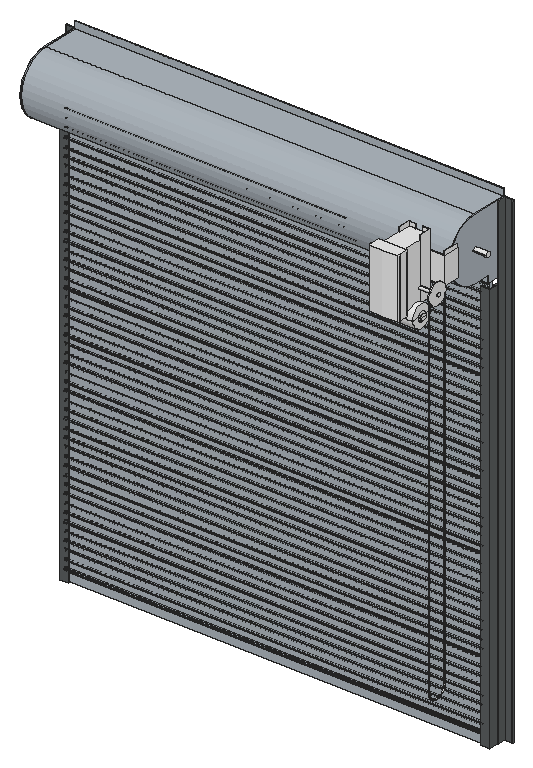
Revit family "Doors_Industrial_Wayne-Dalton_Insulated-Rolling-Service-Doors-Model-800C_", category Specialty Equipment, host Wall, Revit 2019
Family settings
  Host = Wall
  Round Connector Dimension = Use Diameter
  Part Type = Normal
  OmniClass Number = 23.30.10.21.34
  OmniClass Title = Industrial Doors
  Always vertical = Yes
  Cut with Voids When Loaded = Yes
  Shared = No
  Room Calculation Point = No
Parameters (values of type "115 volts, one phase, 60 Hz (110-120V range)")
  X Motor [instance] = size_lookup(Lookup Table, if(Between Jambs Mounting, "Motor B", "Motor F"), 10", Width Count, Height Count)  # 20"
  X ChainH [instance] = size_lookup(Lookup Table, if(Between Jambs Mounting, "Chain B", "Chain F"), 10", Width Count, Height Count)  # 20"
  Width Count [instance] = if(or(Opening Width < 120", Opening Width = 120"), 10, if(or(Opening Width < 192", Opening Width = 192"), 16, 20))  # 10
  Warning Sign [instance] = if(Calculated Area > 683.00 SF, 1 = 1, 1 = 2)  # no
  Warning (Note) [instance] = if(Warning Sign, "The Door Area is out of the limit; please adjust accordingly. The maximum allowed area is 683 sq. ft.", if(Hood Warning, "Headroom Clearance Dimensions - out of the limits. Consult Factory", " "))  # " "
  Wall Thickness [instance] = 6"
  Voltage = 115 V
  True Opening Width [instance] = if(Between Jambs Mounting, Door Width True, Clear Width)  # 120"
  True Opening Height [instance] = if(Between Jambs Mounting, Clear Height + Headroom Height, Clear Height)  # 120"
  Slat Type [instance] = "№34"  # constant formula
  Slat Option [instance] = 2  # constant formula
  Slat Length [instance] = Clear Width + G Value * 2 - 1" / 2 * 2  # 124 1/2"
  Slat Height [instance] = if(Slat < 2, 13 205/256", 12 1/4")  # 12 1/4"
  Slat [instance] = if(Slat Option < 2, 1, if(Slat Option = 2, 2, if(Slat Option = 3, 3, 4)))  # 2
  Side Room Right [instance] = 9 1/16"  # constant formula
  Side Room Left [instance] = 7 1/16"  # constant formula
  Product Page URL = "https://www.wayne-dalton.com/rolling-service-door-800c"
  Power Factor = 1
  Powder Coat (Note) = "Wayne Dalton also offers approximately 200 RAL powder coat options to complement the exterior colors of a building."  # constant formula
  Operator Visibility = yes
  Operation (Note) [instance] = "Door could operate by manual push, crank, electrical operator or chain hoist. Manual push up and crank could be used up to 80 sf, for larger door sizes you have to use Chain Hoist operator."  # constant formula
  Opening Width Real [instance] = if(Opening Width > Max Opening Width, Max Opening Width, if(Opening Width < Min Opening Width, Min Opening Width, Opening Width))  # 120"
  Opening Width [instance] = 120"
  Opening Height Real [instance] = if(Opening Height > Max Opening Height, Max Opening Height, if(Opening Height < Min Opening Height, Min Opening Height, Opening Height))  # 120"
  Opening Height [instance] = 120"
  One Array element [instance] = not(Array Vis)  # no
  Number of Poles = 1
  Motor Type [instance] = if(Between Jambs Mounting, "GSL Front of Hood", if(Motor Option < 2, "GSL Front of Hood", "GSL Wall Mount"))  # "GSL Front of Hood"
  Motor Selection (Note) [instance] = "Generic operator shown. Contact Wayne Dalton when dimensions are critical. "  # constant formula
  Motor Position [instance] = if(Motor Option Real = 1, G Value, if(Chain Hoist or Manual, 2 171/256", 3 177/256"))  # 2 3/4"
  Motor Option Real [instance] = if(Between Jambs Mounting, 1, if(Motor Option < 2, 1, 3))  # 1
  Motor Option [instance] = 1
  Min Opening Width [instance] = if(Between Jambs Mounting, 18" + Side Room Right + Side Room Left, 18")  # 18"
  Min Opening Height [instance] = if(Between Jambs Mounting, 24" + Headroom Height, 24")  # 24"
  Max Opening Width [instance] = 504"  # constant formula
  Max Opening Height [instance] = 360"  # constant formula
  Material Finish [instance] = 800C : Standard - Gray
  M Value [instance] = G Value + 1/2"  # 3 1/4"
  Lookup Table [instance] = "Hood Dimensions"  # constant formula
  Jambs Offset L [instance] = if(Between Jambs Mounting, Side Room Left, 0")  # 0"
  Jambs Offset R [instance] = if(Between Jambs Mounting, Side Room Right, 0")  # 0"
  Installation Real [instance] = if(Between Jambs Mounting, if((Wall Thickness / 2 - Guid Depth / 2) < 0", 0", Wall Thickness / 2 - Guid Depth / 2), Wall Thickness)  # 6"
  Hood Warning [instance] = if(and(Chain Hoist or Manual, Face Of Wall Mounting), size_lookup(Lookup Table, "Warning", 1, Width Count, Height Count) = 1, 1 = 2)  # no
  Hood Type [instance] = "Round Hood"  # constant formula
  Hood Offset [instance] = 2"  # constant formula
  Hood Material [instance] = Metal - Wayne Dalton - Gray
  Hood Height [instance] = if(Chain Hoist or Manual, Y ChainH - 2", Y Motor - 2")  # 18"
  Y Motor [instance] = size_lookup(Lookup Table, if(Between Jambs Mounting, "Motor B", "Motor F"), 10", Width Count, Height Count)  # 20"
  Y ChainH [instance] = size_lookup(Lookup Table, if(Between Jambs Mounting, "Chain B", "Chain F"), 10", Width Count, Height Count)  # 20"
  Height Count [instance] = if(or(Opening Height < 120", Opening Height = 120"), 10, if(or(Opening Height < 144", Opening Height = 144"), 12, if(or(Opening Height < 168", Opening Height = 168"), 14, if(or(Opening Height < 192", Opening Height = 192"), 16, if(or(Opening Height < 216", Opening Height = 216"), 18, 20)))))  # 10
  Headroom Height Lift [instance] = if(Chain Hoist or Manual, Y ChainH, Y Motor) + Hood Offset  # 22"
  Headroom Height [instance] = if(Between Jambs Mounting, Headroom Height Lift, Headroom Height Lift + 2")  # 24"
  Guide Type [instance] = if(Between Jambs Mounting, "Angled Between Jambs Z Guide", "Angled Z Guide")  # "Angled Z Guide"
  Guide Option [instance] = if(Between Jambs Mounting, 1, 2)  # 2
  Guid Depth [instance] = if(Between Jambs Mounting, D Value + 1/4", D Value)  # 5 1/2"
  G Value [instance] = if(or(Opening Width < 336", Opening Width = 336"), 2 3/4", 3 1/4")  # 2 3/4"
  Frequency = 60 Hz
  Face of Wall Offset [instance] = if(Between Jambs Mounting, 0", 5")  # 5"
  Face Of Wall Mounting [instance] = not(Between Jambs Mounting)  # yes
  Door Width True [instance] = if(Between Jambs Mounting, Clear Width + Side Room Right + Side Room Left, Clear Width + M Value * 2)  # 126 1/2"
  Door Width (Real) [instance] = if(Between Jambs Mounting, Clear Width, Clear Width + 1" / 2)  # 120 1/2"
  Door Height True [instance] = Clear Width + Headroom Height  # 144"
  Door Height (Real) [instance] = Clear Height + Hood Offset  # 122"
  URL = "https://www.wayne-dalton.com/"
  Product data url = "https://www.bimobject.com/wayne-dalton/product/rolling-service-door-800c"
  Product Guid = "326f59bb-283b-4cad-b3e5-6f19a12600c2"
  Model = "800C"  # constant formula
  Manufacturer = "Wayne Dalton"  # constant formula
  Wall Closure = By host
  Floor To (CL) of Shaft [instance] = Clear Height + Hood Offset + 2" + Hood Height / 2  # 133"
  Finish Material = Finish - Wayne Dalton - Black
  Description = "Model 800C Insulated Rolling Service Door R-Value 7.7, U-Factor 0.13"  # constant formula
  D Value Clearance [instance] = if(Between Jambs Mounting, D Value + 1/4", D Value)  # 5 1/2"
  D Value [instance] = 5 1/2"  # constant formula
  Clearance [instance] = no
  Clear Width [instance] = if(Between Jambs Mounting, Opening Width Real - Side Room Right - Side Room Left, Opening Width Real)  # 120"
  Clear Height [instance] = if(Between Jambs Mounting, Opening Height Real - Headroom Height, Opening Height Real)  # 120"
  Chain Hoist or Manual = no
  Current = 20 A
  Connector Array Distance = 0"  # constant formula
  Connector Array = if(Chain Hoist or Manual, 2, 3)  # 3
  Between Jambs Mounting [instance] = no
  Bar [instance] = if(Face Of Wall Mounting, 1 = 1, 1 = 2)  # yes
  Backroom Depth [instance] = if(Chain Hoist or Manual, X ChainH, X Motor)  # 20"
  BJ Opening Cut [instance] = if(Between Jambs Mounting, Headroom Height, 0")  # 0"
  Array Vis [instance] = if(Array < 2, 1 = 2, 1 = 1)  # yes
  Array Real [instance] = if(Array < 2, 2, Array)  # 10
  Array Length [instance] = (Array) * Slat Height  # 122 1/2"
  Array [instance] = rounddown(([Door Height (Real)] - 3") / Slat Height) + 1  # 10
  Calculated Area [instance] = [Door Width (Real)] * [Door Height (Real)]  # 102.09 SF
  Apparent Load Phase 3 = if(Number of Poles = 1, 0 VA, (Voltage * Current * sqrt(3)) / 3)  # 0 VA
  Apparent Load Phase 2 = if(Number of Poles = 1, 0 VA, (Voltage * Current * sqrt(3)) / 3)  # 0 VA
  Apparent Load Phase 1 = if(Number of Poles = 1, Voltage * Current, (Voltage * Current * sqrt(3)) / 3)  # 2300 VA
Reference planes (in)
  plane 1 "Center (Front/Back)": y = -14.875
  plane 2 "Center (Left/Right)": x = 0
  plane 3 "Left": x = -60
  plane 4 "Right": x = 60
  plane 5 "Exterior": y = -8.875
  plane 6 "Interior": y = -14.875
  plane 7: x = 69.0625
  plane 8: x = -67.0625
  plane 9: z = 120
  plane 10 "Main": y = -19.73437
  plane 11 "Backroom Depth": y = -34.875
  plane 12 "Main Door Block": y = -14.875
  plane 13 "Bottom Bar": z = 2.75
  plane 14: y = -20.375
  plane 15: z = 125.25
  plane 16: z = 142
  plane 17: z = 122
  plane 18: z = 144
  plane 19: z = 0
  plane 20: z = 60
  plane 21: y = -19.625
  plane 22 "Double Main": y = -19.156
  plane 23 "Headroom Top": z = 144
  plane 24: z = 133
  plane 25: x = 62.75
  plane 26: x = -62.75
  plane 27: z = 113
  plane 28: z = 124
  plane 29: x = 62.75
  plane 30: x = -67.0625
  plane 31: x = 69.0625
  plane 32: z = 2.75
  plane 33: y = -19.625
  plane 34: z = 113
  plane 35: y = -19.625
  plane 36: z = 15
  plane 37: y = -19.625
  plane 38: z = 27.25
  plane 39: y = -19.625
  plane 40: z = 39.5
  plane 41: y = -19.625
  plane 42: z = 51.75
  plane 43: y = -19.625
  plane 44: z = 64
  plane 45: y = -19.625
  plane 46: z = 76.25
  plane 47: y = -19.625
  plane 48: z = 88.5
  plane 49: y = -19.625
  plane 50: z = 100.75
  plane 51: y = -19.625
Forms (in)
  Extrusion 1, void
    sketch origin (0, -14.875, 0) x (0, 0, -1) y (-1, 0, 0)
      loop
        line (-120, 60) -> (-120, -60) -> (0, -60) -> (0, 60) -> (-120, 60)
    from 0 to 6
  Extrusion 2, solid, material "Metal - Wayne Dalton - Gray" <- "Hood Material", visible <- "Bar"
    sketch origin (0, 0, 0) x (0, 1, 0) y (0, 0, 1)
      loop
        line (-15.125, 142) -> (-14.875, 142) -> (-14.875, 144) -> (-15.125, 144) -> (-15.125, 142)
    from -62.5 to 62.5
  Extrusion 3, solid, material "Clearance - Wayne Dalton - Red", visible <- "Clearance"
    sketch origin (0, 0, 0) x (1, 0, 0) y (0, 1, 0)
      loop
        line (69.0625, -14.875) -> (60, -14.875) -> (60, -20.375) -> (69.0625, -20.375) -> (69.0625, -14.875)
      loop
        line (-60, -14.875) -> (-67.0625, -14.875) -> (-67.0625, -20.375) -> (-60, -20.375) -> (-60, -14.875)
    from 0 to 122
Lines and regions (in)
  symbolic lines, visible <- "Bar"
    curve 1: line (62.5, -14.875, 0) -> (-62.5, -14.875, 0)
    curve 2: line (-62.5, -15.125, 0) -> (62.5, -15.125, 0)
Text (in)
  text "Exterior" at (-74.96733, 27.31104, 0), in view "Ref. Level"
  text "Interior" at (-74.96733, -25.14366, 0), in view "Ref. Level"
  text "Exterior" at (0, 40.15149, 123.01588), in view "Right"
  text "Interior" at (0, -64.39139, 123.01588), in view "Right"
  text "Interior" at (0, -31.01599, 123.00693), in view "Left"
  text "Exterior" at (0, 54.57065, 123.00693), in view "Left"
Dimensions and locks (in)
  equal spacing: plane 3 "Left", plane 2 "Center (Left/Right)", plane 4 "Right"
  "Clear Width": plane 3 "Left" to plane 4 "Right"
  level to host wall = 459.59655"
  "Clear Height": level to plane 9
  plane 7 to plane 8 = 136 1/8"
  locked: plane 13 "Bottom Bar" to level at 2.75
  locked: plane 14 to plane 10 "Main" at 0.64063
  "Array Length": plane 15 to plane 13 "Bottom Bar"
  "Backroom Depth": plane 11 "Backroom Depth" to plane 12 "Main Door Block"
  locked: plane 18 to plane 16 at 2
  locked: Extrusion 2 sketch curve to Extrusion 2 sketch curve at 0.25
  "Installation Real": plane 1 "Center (Front/Back)" to plane 5 "Exterior"
  "Wall Thickness": host wall to host wall
  equal spacing: plane 9, plane 20, plane 19
  locked: plane 10 "Main" to plane 21 at 0.10937
  locked: plane 10 "Main" to plane 22 "Double Main" at 0.57837
  "BJ Opening Cut": Extrusion 1 sketch curve to plane 9
  locked: Extrusion 2 sketch curve to Extrusion 2 sketch curve at 2
  "Hood Offset": plane 17 to plane 9
  "Headroom Height": plane 23 "Headroom Top" to plane 9
  "Floor To (CL) of Shaft": plane 24 to level
  "Jambs Offset R": plane 4 "Right" to Extrusion 1 sketch curve
  "Jambs Offset L": Extrusion 1 sketch curve to plane 3 "Left"
  "G Value": plane 25 to plane 4 "Right"
  "G Value": plane 3 "Left" to plane 26
  "Guid Depth": plane 14 to plane 1 "Center (Front/Back)"
  "Slat Height": plane 15 to plane 27
  equal spacing: group 1, group 3, group 4, group 5, group 6, group 7, group 8, group 9, group 10, group 2  (x3)
  "Side Room Right": plane 4 "Right" to plane 7
  "Side Room Left": plane 8 to plane 3 "Left"
  locked: plane 25 to Extrusion 2 at 0.25
  locked: plane 26 to Extrusion 2 at 0.25
  locked: plane 28 to plane 17 at 2
  "Hood Height": plane 16 to plane 28
  "Motor Position": plane 4 "Right" to plane 29
  "Side Room Left": plane 30 to plane 3 "Left"
  "Side Room Right": plane 4 "Right" to plane 31
  "D Value Clearance": Extrusion 3 sketch curve to Extrusion 3 sketch curve
  aligned and locked: plane 5 "Exterior" to host wall
  aligned and locked: host wall to plane 6 "Interior"
  aligned and locked: level to Extrusion 1 sketch curve
  aligned and locked: Extrusion 1 to plane 5 "Exterior"
  aligned and locked: plane 6 "Interior" to Extrusion 1
  aligned and locked: plane 16 to nested 1
  aligned and locked: Extrusion 2 sketch curve to plane 18
  aligned and locked: plane 6 "Interior" to Extrusion 2 sketch curve
  aligned and locked: curve 1 to Extrusion 2  (x2)
  aligned and locked: curve 2 to Extrusion 2  (x2)
  aligned and locked: Extrusion 2 to curve 2
  aligned and locked: plane 5 "Exterior" to nested 1
  aligned and locked: level to plane 19
  aligned and locked: plane 2 "Center (Left/Right)" to nested 2
  aligned and locked: nested 3 to plane 2 "Center (Left/Right)"
  aligned and locked: nested 4 to plane 20
  aligned and locked: plane 2 "Center (Left/Right)" to nested 4
  aligned and locked: plane 13 "Bottom Bar" to nested 6
  aligned and locked: plane 21 to nested 6
  aligned and locked: nested 4 to plane 21
  aligned and locked: plane 19 to nested 13
  aligned and locked: nested 13 to plane 2 "Center (Left/Right)"
  aligned and locked: nested 13 to plane 1 "Center (Front/Back)"
  aligned and locked: nested 1 to plane 29
  aligned and locked: Extrusion 3 sketch curve to plane 1 "Center (Front/Back)"
  aligned and locked: Extrusion 3 sketch curve to plane 31
  aligned and locked: Extrusion 3 sketch curve to plane 4 "Right"
  aligned and locked: plane 1 "Center (Front/Back)" to Extrusion 3 sketch curve
  aligned and locked: Extrusion 3 sketch curve to plane 30
  aligned and locked: Extrusion 3 sketch curve to plane 3 "Left"
  aligned and locked: Extrusion 3 sketch curve to Extrusion 3 sketch curve
  aligned and locked: Extrusion 3 to level
  aligned and locked: plane 17 to Extrusion 3
  aligned and locked: plane 13 "Bottom Bar" to plane 32
  aligned and locked: plane 21 to plane 33
  aligned and locked: plane 27 to plane 34
  aligned and locked: plane 35 to plane 21
  aligned and locked: plane 12 "Main Door Block" to plane 1 "Center (Front/Back)"
Automatic sketch dimensions
  plane 25 to curve 1 = 1/4"
Nested families (in)
  nested 1: "Motor" at (55.8705, -42.455, 121.93), visible <- "Operator Visibility", type "Trolley Motor"
    with Vertical Mount 20.07", Hood Width Real 20", Hood Width 20", Hood Height 18", Floor To Cl Shaft 133"
  nested 2: "Label Annotation 1" at (0, 18.375, 0), visible <- "Warning Sign", type "Label Annotation 1"
  nested 3: "Label Annotation 1" at (0, -41.625, 0) x (-1, 0, 0) z (0, 0, 1), visible <- "Warning Sign", type "Label Annotation 1"
  nested 4: "Warning Sign" at (0, -19.625, 60), visible <- "Warning Sign", type "Warning Sign"
    with Warning Sign no
  nested 5: "800C" at (0, -19.625, 2.75), Slat Option <- "Slat Option", Opening Width <- "Slat Length", type <- "Material Finish", visible <- "Array Vis", type "Standard - Gray"
    with Void Offset 1", Void Height 3/4", Slat Width 3/4", Slat Position + Offset 13.146", Slat Position 12 1/4", Slat Option 2, Secure-Vent no, Profile #14 yes, Perforation no, Opening Width 124 1/2", Integrated Cutout no, Fenestration no, Cutout Width Offset 1", Cutout Vertical Offset 0.896", #4 no, # 14 yes
  nested 6: "800C" at (0, -19.625, 2.75), visible <- "One Array element", Slat Option <- "Slat Option", Opening Width <- "Slat Length", type <- "Material Finish", type "Standard - Gray"
    with Void Offset 1", Void Height 3/4", Slat Width 3/4", Slat Position + Offset 13.146", Slat Position 12 1/4", Slat Option 2, Secure-Vent no, Profile #14 yes, Perforation no, Opening Width 124 1/2", Integrated Cutout no, Fenestration no, Cutout Width Offset 1", Cutout Vertical Offset 0.896", #4 no, # 14 yes
  nested 7: "800C" at (0, -19.625, 113), Slat Option <- "Slat Option", Opening Width <- "Slat Length", type <- "Material Finish", visible <- "Array Vis", type "Standard - Gray"
    with Void Offset 1", Void Height 3/4", Slat Width 3/4", Slat Position + Offset 13.146", Slat Position 12 1/4", Slat Option 2, Secure-Vent no, Profile #14 yes, Perforation no, Opening Width 124 1/2", Integrated Cutout no, Fenestration no, Cutout Width Offset 1", Cutout Vertical Offset 0.896", #4 no, # 14 yes
  nested 8: "800C" at (0, -19.625, 15), Slat Option <- "Slat Option", Opening Width <- "Slat Length", type <- "Material Finish", visible <- "Array Vis", type "Standard - Gray"
    with Void Offset 1", Void Height 3/4", Slat Width 3/4", Slat Position + Offset 13.146", Slat Position 12 1/4", Slat Option 2, Secure-Vent no, Profile #14 yes, Perforation no, Opening Width 124 1/2", Integrated Cutout no, Fenestration no, Cutout Width Offset 1", Cutout Vertical Offset 0.896", #4 no, # 14 yes
  nested 9: "800C" at (0, -19.625, 27.25), Slat Option <- "Slat Option", Opening Width <- "Slat Length", type <- "Material Finish", visible <- "Array Vis", type "Standard - Gray"
    with Void Offset 1", Void Height 3/4", Slat Width 3/4", Slat Position + Offset 13.146", Slat Position 12 1/4", Slat Option 2, Secure-Vent no, Profile #14 yes, Perforation no, Opening Width 124 1/2", Integrated Cutout no, Fenestration no, Cutout Width Offset 1", Cutout Vertical Offset 0.896", #4 no, # 14 yes
  nested 10: "800C" at (0, -19.625, 39.5), Slat Option <- "Slat Option", Opening Width <- "Slat Length", type <- "Material Finish", visible <- "Array Vis", type "Standard - Gray"
    with Void Offset 1", Void Height 3/4", Slat Width 3/4", Slat Position + Offset 13.146", Slat Position 12 1/4", Slat Option 2, Secure-Vent no, Profile #14 yes, Perforation no, Opening Width 124 1/2", Integrated Cutout no, Fenestration no, Cutout Width Offset 1", Cutout Vertical Offset 0.896", #4 no, # 14 yes
  nested 11: "800C" at (0, -19.625, 51.75), Slat Option <- "Slat Option", Opening Width <- "Slat Length", type <- "Material Finish", visible <- "Array Vis", type "Standard - Gray"
    with Void Offset 1", Void Height 3/4", Slat Width 3/4", Slat Position + Offset 13.146", Slat Position 12 1/4", Slat Option 2, Secure-Vent no, Profile #14 yes, Perforation no, Opening Width 124 1/2", Integrated Cutout no, Fenestration no, Cutout Width Offset 1", Cutout Vertical Offset 0.896", #4 no, # 14 yes
  nested 12: "800C" at (0, -19.625, 64), Slat Option <- "Slat Option", Opening Width <- "Slat Length", type <- "Material Finish", visible <- "Array Vis", type "Standard - Gray"
    with Void Offset 1", Void Height 3/4", Slat Width 3/4", Slat Position + Offset 13.146", Slat Position 12 1/4", Slat Option 2, Secure-Vent no, Profile #14 yes, Perforation no, Opening Width 124 1/2", Integrated Cutout no, Fenestration no, Cutout Width Offset 1", Cutout Vertical Offset 0.896", #4 no, # 14 yes
  nested 13: "Lifts" at (0, -14.875, 0) x (-1, 0, 0) z (0, 0, 1), type "Frame Unit"
    with Round Hood yes, No Hood no, Side Clearance R 9 1/16", Side Clearance L 7 1/16", Hood Height 20", Headroom Height Real 22", Half Hood Height 20", Shaft Offset 9", Radius Hood 9", Headroom Height 22", Header Width 20", Floor To (CL) of Shaft 133"
  nested 14: "800C" at (0, -19.625, 76.25), Slat Option <- "Slat Option", Opening Width <- "Slat Length", type <- "Material Finish", visible <- "Array Vis", type "Standard - Gray"
    with Void Offset 1", Void Height 3/4", Slat Width 3/4", Slat Position + Offset 13.146", Slat Position 12 1/4", Slat Option 2, Secure-Vent no, Profile #14 yes, Perforation no, Opening Width 124 1/2", Integrated Cutout no, Fenestration no, Cutout Width Offset 1", Cutout Vertical Offset 0.896", #4 no, # 14 yes
  nested 15: "800C" at (0, -19.625, 88.5), Slat Option <- "Slat Option", Opening Width <- "Slat Length", type <- "Material Finish", visible <- "Array Vis", type "Standard - Gray"
    with Void Offset 1", Void Height 3/4", Slat Width 3/4", Slat Position + Offset 13.146", Slat Position 12 1/4", Slat Option 2, Secure-Vent no, Profile #14 yes, Perforation no, Opening Width 124 1/2", Integrated Cutout no, Fenestration no, Cutout Width Offset 1", Cutout Vertical Offset 0.896", #4 no, # 14 yes
  nested 16: "800C" at (0, -19.625, 100.75), Slat Option <- "Slat Option", Opening Width <- "Slat Length", type <- "Material Finish", visible <- "Array Vis", type "Standard - Gray"
    with Void Offset 1", Void Height 3/4", Slat Width 3/4", Slat Position + Offset 13.146", Slat Position 12 1/4", Slat Option 2, Secure-Vent no, Profile #14 yes, Perforation no, Opening Width 124 1/2", Integrated Cutout no, Fenestration no, Cutout Width Offset 1", Cutout Vertical Offset 0.896", #4 no, # 14 yes
Connectors (in)
  electrical at (58.8585, -42.26377, 132.4998), driven by "Apparent Load Phase 1", driven by "Power Factor", driven by "Voltage", driven by "Apparent Load Phase 2", driven by "Apparent Load Phase 3", driven by "Number of Poles"
    settings: on nested 1, index 1, voltage 115 V, apparent load 0 VA, apparent load phase1 2300 VA, apparent load phase2 0 VA, apparent load phase3 0 VA, power factor 1, load classification "Other", number of poles 1, system type 31, power factor state 1, is connector primary yes, connector utility no, sub classification motor no, connector description "Electrical Connector"
Definition of nested family "Motor"
  Parameters (values of type "Trolley Motor")
    Wall Mount RSX = if(Chain Hoist, 1 = 2, if(Motor Option = 3, 1 = 1, 1 = 2))  # no
    Top Mount RSX = if(Chain Hoist, 1 = 2, if(Motor Option = 2, 1 = 1, 1 = 2))  # no
    Shaft Material = none
    Real Exterior Wall Offset = if(Wall Mount RSX, Displacement, Exterior Wall Offset + if(and(BJ, Bench Mount RSX, Hood Width < 19 1/2"), 2.6", 0"))  # 6"
    Not Chain Hoist = not(Chain Hoist)  # yes
    Not Bench + Top = not(or(Top Mount RSX, Chain Hoist, Bench Mount RSX))  # yes
    Horizontal Mount = if(Face Mount RSX, 5.08" + 0.12" + 2.38", if(Top Mount RSX, 11.19", if(Wall Mount RSX, 5.08", if(Bench Mount RSX, 4.77" + if(or(Hood Width < 14", Hood Width = 14"), 6.13", if(or(Hood Width < 16", Hood Width = 16"), 4.13", 3 1/4")), 0"))))  # 7.58"
    Not Fire King = if(Chain Hoist, 1 = 2, not(Chain Hoist))  # yes
    Vertical Mount = if(Face Mount RSX, 11.07" + Hood Height / 2, if(Top Mount RSX, 14.92" - 0.13" - 2.38", if(Wall Mount RSX, 20.03" + 6" + Hood Height / 2, if(Bench Mount RSX, 20" + 2.29" + Hood Height / 2, Hood Height))))  # 21.07"
    Motor Type = if(Motor Option < 2, "RSX FDO Face Mount", if(Motor Option = 2, "RSX FDO Top Mount", if(Motor Option = 3, "RSX Wall Mount", if(Motor Option = 4, "RSX Bench Mount", "Chain Hoist"))))  # "RSX FDO Face Mount"
    Motor Option = 1
    Main Material = none
    Hood Width Real = if(Wall Mount RSX, 0", if(Chain Hoist, if(Hood Height < Hood Width, (Hood Width + (Hood Width - Hood Height)) / 2, Hood Width / 2), Hood Width))  # 22"
    Hood Width = 22"
    Hood Height = 20"
    Hood Mount = if(or(Face Mount RSX, Top Mount RSX), 0.37", if(Wall Mount RSX, if(BJ, 12.24" + BJ Displacement, 14.74"), if(Bench Mount RSX, 14.49", 4.26")))  # 0.37"
    Floor To Cl Shaft = 134"
    Fire King RHX = 1 = 2  # no
    Top Option Offset = if(or(Top Mount RSX, Bench Mount RSX), 20", 0")  # 0"
    Face+Top = if(Chain Hoist, 1 = 2, if(or(Face Mount RSX, Top Mount RSX), 1 = 1, 1 = 2))  # yes
    Face Mount RSX = if(Chain Hoist, 1 = 2, if(Motor Option < 2, 1 = 1, 1 = 2))  # yes
    Top + Bench = if(Chain Hoist, 1 = 2, if(or(Top Mount RSX, Bench Mount RSX), 1 = 1, 1 = 2))  # no
    Face + Top + Bench = if(Chain Hoist, 1 = 2, if(or(Face Mount RSX, Top Mount RSX, Bench Mount RSX), 1 = 1, 1 = 2))  # yes
    Exterior Wall Offset = 6"
    Displacement = 6"
    Default Elevation = 48"
    Chain V Offset = if(or(Face Mount RSX, Wall Mount RSX), 6.53", if(or(Top Mount RSX, Bench Mount RSX), 18.81", Hood Height / 2))  # 6.53"
    Chain H Offset = if(or(Face Mount RSX, Wall Mount RSX), 1.19", if(or(Top Mount RSX, Bench Mount RSX), 6.53", 0"))  # 1.19"
    Chain Hoist = no
    Bench Mount RSX = if(Chain Hoist, 1 = 2, if(Motor Option > 3, 1 = 1, 1 = 2))  # no
    BJ Displacement = 3"
    BJ = no
    Angle = if(or(Bench Mount RSX, Top Mount RSX), 90.00°, 180.00°)  # 180.00°
  Reference planes (in)
    plane 1 "Center (Front/Back)": y = 0
    plane 2: z = 0
    plane 3 "Center (Left/Right)": x = 0
    plane 4: y = 0
    plane 5: y = 1.19
    plane 6: z = -127.47
    plane 7: z = -97.47
    plane 8: z = 6.53
    plane 9 "Chain Hoist": z = 6.53
    plane 10 "Top Of Hood": z = 21.07
    plane 11: y = 7.58
    plane 12: z = 0
    plane 13 "Hood Face": x = 6.8795
    plane 14: x = 7.2495
    plane 15: y = 29.58
    plane 16 "Wall": y = 35.58
  Forms (in)
    Extrusion 1, solid, material <- "Main Material", visible <- "Not Chain Hoist"
      sketch origin (0, 0, 18.8898) x (1, 0, 0) y (0, 1, 0)
        loop
          line (-4.134, -4.81907) -> (4.116, -4.81907) -> (4.116, -4.69947) -> (3.108, -4.69947)
          arc (3.108, -4.69947) -> (3.02315, -4.66432) -> (2.988, -4.57947) r 0.12
          line (2.988, -4.57947) -> (2.988, 4.96193) -> (-2.988, 4.96193) -> (-2.988, -4.57947)
          arc (-2.988, -4.57947) -> (-3.02315, -4.66432) -> (-3.108, -4.69947) r 0.12
          line (-3.108, -4.69947) -> (-4.134, -4.69947) -> (-4.134, -4.81907)
      from -16.64 to 0
    Extrusion 2, solid, material <- "Main Material", visible <- "Not Chain Hoist"
      sketch origin (0, -2.406, 18.8898) x (1, 0, 0) y (0, 1, 0)
        loop
          line (-4.134, -2.41307) -> (-4.134, -5.05565) -> (-4.3324, -5.05565) -> (-4.3324, -5.3122)
          arc (-4.3324, -5.3122) -> (-4.24466, -5.55085) -> (-4.02324, -5.67585) r 0.36846
          arc (-4.02324, -5.67585) -> (0, -6.0017) -> (4.02324, -5.67585) r 25
          arc (4.02324, -5.67585) -> (4.24466, -5.55085) -> (4.3324, -5.3122) r 0.36846
          line (4.3324, -5.3122) -> (4.3324, -5.05565) -> (4.116, -5.05565) -> (4.116, -2.41307) -> (-4.134, -2.41307)
      from -17 to 0.35839
    Revolve 3, solid, material <- "Main Material", visible <- "Not Fire King"
      sketch origin (2.0828, 5.66524, 0) x (0, -1, 0) y (1, 0, 0)
        loop
          line (5.66524, -9.0813) -> (5.66524, 3.1162) -> (4.82413, 3.1162) -> (4.82413, 2.7162) -> (4.39283, 2.7162) -> (4.39283, 2.4872) -> (2.50257, 2.4872) -> (2.50257, -6.6585) -> (3.79863, -6.6585) -> (3.79863, -7.51105) -> (3.89778, -7.6102) -> (5.36033, -7.6102) -> (5.36033, -7.8313) -> (4.69783, -7.8313) -> (4.69783, -9.0813) -> (5.66524, -9.0813)
        axis (5.66524, -9.0813) -> (5.66524, 3.1162)
      angle from 0 to 360
    Extrusion 4, solid, material <- "Main Material", visible <- "Wall Mount RSX"
      sketch origin (0, 0, 18.8898) x (1, 0, 0) y (0, 1, 0)
        loop
          line (-2.988, 5.08193) -> (-4.988, 5.08193) -> (-4.988, 4.96193) -> (-3.108, 4.96193) -> (-3.108, 1.46193) -> (-2.988, 1.46193) -> (-2.988, 5.08193)
        loop
          line (2.988, 5.08193) -> (2.988, 1.46193) -> (3.108, 1.46193) -> (3.108, 4.96193) -> (4.988, 4.96193) -> (4.988, 5.08193) -> (2.988, 5.08193)
      from -16.64 to 1.14
    Extrusion 5, solid, material <- "Main Material"
      sketch origin (0, 0.00141, 3.59957) x (0, 0, 1) y (0, -1, 0)
        loop
          circle (2.93043, -1.18859) r 3
      from 8.2495 to 7.98
    Sweep 6, solid, material <- "Main Material"
      path origin (8.11913, 9.53, 48) x (0, 1, 0) y (0, 0, 1)
        loop
          line (-11.34, -41.47) -> (-11.34, -145.47)
          arc (-11.34, -145.47) -> (-8.34, -148.47) -> (-5.34, -145.47) r 3
          line (-5.34, -145.47) -> (-5.34, -41.47)
      profile origin (8.11912, -1.81, -45.47) x (1, 0, 0) y (0, 1, 0)
        loop
          circle (0, 0.1) r 0.1
    Extrusion 7, solid, material <- "Main Material"
      sketch origin (0, 0.00141, 3.59957) x (0, 0, 1) y (0, -1, 0)
        loop
          circle (2.93043, -1.18859) r 0.4
      from 8.82 to 0
    Extrusion 8, solid, material <- "Main Material", visible <- "Face+Top"
      sketch origin (0, 0, 18.8898) x (1, 0, 0) y (0, 1, 0)
        loop
          line (7.2495, 5.08193) -> (7.2495, 9.82193) -> (7.1295, 9.82193) -> (7.1295, 5.20193) -> (-2.988, 5.20193) -> (-2.988, 5.08193) -> (7.2495, 5.08193)
      from -12.32 to -4.32
    Extrusion 9, solid, material <- "Main Material", visible <- "Face + Top + Bench"
      sketch origin (0.25, 0, 18.8898) x (1, 0, 0) y (0, 1, 0)
        loop
          line (-3.358, 5.08193) -> (-3.358, 1.46193) -> (-3.238, 1.46193) -> (-3.238, 4.96193) -> (-1.238, 4.96193) -> (-1.238, 5.08193) -> (-3.358, 5.08193)
        loop
          line (2.858, 5.08193) -> (0.738, 5.08193) -> (0.738, 4.96193) -> (2.738, 4.96193) -> (2.738, 1.46193) -> (2.858, 1.46193) -> (2.858, 5.08193)
      from -16.64 to 1.14
    Extrusion 10, solid, material <- "Main Material", visible <- "Face+Top"
      sketch origin (0, 0, 0) x (0, 0, 1) y (0, -1, 0)
        loop
          line (15.5698, -5.33193) -> (6.5698, -5.33193) -> (6.5698, -9.82193) -> (15.5698, -9.82193) -> (15.5698, -5.33193)
      from 6.8795 to 7.1295
    Extrusion 11, solid, material <- "Main Material", visible <- "Bench Mount RSX"
      sketch origin (0, 0, 18.8898) x (1, 0, 0) y (0, 1, 0)
        loop
          line (-6.9985, 5.08193) -> (3.108, 5.08193) -> (3.108, 5.20193) -> (-7.1205, 5.20193) -> (-7.1205, 1.33693) -> (-6.9985, 1.33693) -> (-6.9985, 5.08193)
      from -10.78 to -1.46
    Extrusion 12, solid, material <- "Main Material", visible <- "Bench Mount RSX"
      sketch origin (0, 0, 0) x (0, 0, 1) y (0, -1, 0)
        loop
          line (8.2698, -1.46193) -> (8.2698, -4.96193) -> (17.2698, -4.96193) -> (17.2698, -1.46193) -> (8.2698, -1.46193)
      from -7.24 to -7.1205
  Lines and regions (in)
    reference lines
      curve 1: line (0, 0, 0) -> (0, 0, 18.8898)
  Dimensions and locks (in)
    Extrusion 4 sketch curve to Extrusion 4 sketch curve = 3.62"
    locked: Extrusion 4 sketch curve to Extrusion 4 sketch curve at 0.12  (x3)
    "Chain H Offset": plane 4 to plane 5
    locked: plane 7 to plane 6 at 30
    locked: Sweep 6 sketch curve to profile plane at 0
    locked: profile plane to Sweep 6 sketch curve at 0.1
    locked: Sweep 6 sketch curve to Sweep 6 sketch curve at 6
    "Floor To Cl Shaft": plane 8 to plane 6
    "Horizontal Mount": plane 1 "Center (Front/Back)" to plane 11
    Extrusion 9 sketch curve to Extrusion 9 sketch curve = 3.62"
    locked: Extrusion 9 sketch curve to Extrusion 9 sketch curve at 0.12  (x3)
    "Top Option Offset": level to plane 12
    "Chain V Offset": plane 9 "Chain Hoist" to plane 12
    equal spacing: Sweep 6 sketch curve, plane 5, Sweep 6 sketch curve
    "Vertical Mount": plane 10 "Top Of Hood" to plane 12
    locked: Extrusion 2 sketch curve to Extrusion 2 sketch curve at 8.25
    locked: Extrusion 2 sketch curve to Extrusion 2 sketch curve at 2.64258
    locked: plane 3 "Center (Left/Right)" to plane 14 at 7.2495
    "Hood Mount": plane 13 "Hood Face" to plane 14
    locked: Extrusion 8 sketch curve to Extrusion 8 sketch curve at 0.12  (x2)
    locked: Extrusion 8 sketch curve to curve 1 at 5.08193
    "Hood Width Real": plane 11 to plane 15
    "Real Exterior Wall Offset": plane 15 to plane 16 "Wall"
    locked: Extrusion 8 sketch curve to Extrusion 8 sketch curve at 4.62
    Revolve 3 sketch curve to Revolve 3 sketch curve to Revolve 3 sketch curve to Revolve 3 sketch curve to Revolve 3 sketch curve to Revolve 3 sketch curve to Revolve 3 sketch curve = 1 1/4" locked, 0.2211" locked, 0.9517" locked, 9.1457" locked, 0.229" locked, 0.4" locked
    Revolve 3 sketch curve to Revolve 3 sketch curve to Revolve 3 sketch curve to Revolve 3 sketch curve to Revolve 3 sketch curve to Revolve 3 sketch curve to Revolve 3 sketch curve to Revolve 3 sketch curve = 0.30491" locked, 0.53619" locked, 0.12631" locked, 0.305" locked, 0.49505" locked, 0.09915" locked, 1.29606" locked
    locked: Extrusion 1 sketch curve to Extrusion 1 sketch curve at 0.1196
    locked: Extrusion 1 sketch curve to Extrusion 1 sketch curve at 5.976
    equal spacing: Extrusion 1 sketch curve, curve 1, Extrusion 1 sketch curve
    locked: curve 1 to Extrusion 1 sketch curve at 4.81907
    locked: Extrusion 1 sketch curve to Extrusion 1 sketch curve at 9.781
    locked: Extrusion 9 sketch curve to curve 1 at 1.46193
    equal spacing: Extrusion 4 sketch curve, curve 1, Extrusion 4 sketch curve
    locked: Extrusion 4 sketch curve to curve 1 at 1.46193
    locked: Extrusion 10 sketch curve to Extrusion 10 sketch curve at 4.49
    locked: Extrusion 10 sketch curve to Extrusion 10 sketch curve at 9
    locked: Extrusion 10 sketch curve to curve 1 at 9.82193
    locked: Extrusion 10 sketch curve to curve 1 at 6.5698
    locked: Revolve 3 sketch curve to plane 3 "Center (Left/Right)" at 4.5757
    locked: Extrusion 4 sketch curve to Extrusion 4 sketch curve at 5.976
    locked: Extrusion 9 sketch curve to plane 3 "Center (Left/Right)" at 2.988
    locked: plane 3 "Center (Left/Right)" to Extrusion 9 sketch curve at 3.108
    locked: Extrusion 4 sketch curve to Extrusion 4 sketch curve at 2
    locked: Extrusion 4 sketch curve to Extrusion 4 sketch curve at 1.88
    locked: Extrusion 8 sketch curve to Extrusion 8 sketch curve at 10.2375
    locked: curve 1 to Extrusion 8 sketch curve at 7.2495
    locked: Extrusion 1 sketch curve to Extrusion 1 sketch curve at 1.128
    locked: Extrusion 1 sketch curve to Extrusion 1 sketch curve at 1.146
    locked: curve 1 to Extrusion 2 sketch curve at 4.81907
    locked: Extrusion 11 sketch curve to Extrusion 11 sketch curve at 0.122
    locked: Extrusion 11 sketch curve to Extrusion 11 sketch curve at 0.12
    locked: Extrusion 11 sketch curve to curve 1 at 6.9985
    locked: Extrusion 11 sketch curve to curve 1 at 5.08193
    locked: Extrusion 11 sketch curve to Extrusion 11 sketch curve at 10.1065
    locked: Extrusion 11 sketch curve to Extrusion 11 sketch curve at 3.865
    locked: Extrusion 12 sketch curve to Extrusion 12 sketch curve at 3.5
    locked: curve 1 to Extrusion 12 sketch curve at 1.46193
    locked: Extrusion 12 sketch curve to Extrusion 12 sketch curve at 9
    locked: Extrusion 12 sketch curve to curve 1 at 10.62
    radius of Extrusion 5 sketch curve = 3"
    radius of Sweep 6 sketch curve = 3"
    radius of Sweep 6 sketch curve = 0.1"
    radius of Extrusion 7 sketch curve = 0.4"
    radius of Extrusion 2 sketch curve = 0.36846"  (x2)
    radius of Extrusion 1 sketch curve = 0.12"  (x2)
    radius of Extrusion 2 sketch curve = 25"
    "Angle": angle curve 1 to plane 1 "Center (Front/Back)"
    angle Extrusion 2 sketch curve to Extrusion 2 sketch curve = 90.00°
    locked: Extrusion 2 sketch curve to Extrusion 2 sketch curve (angle 90.00°)
    aligned and locked: plane 2 to level
    aligned and locked: Revolve 3 sketch curve to Revolve 3 sketch curve
    aligned and locked: plane 1 "Center (Front/Back)" to curve 1
    aligned and locked: level to curve 1
    aligned and locked: plane 1 "Center (Front/Back)" to plane 4
    aligned and locked: Extrusion 4 sketch curve to Extrusion 4 sketch curve  (x3)
    aligned and locked: plane 7 to Sweep 6 sketch curve  (x2)
    aligned and locked: plane 8 to Sweep 6 sketch curve  (x2)
    aligned and locked: plane 5 to Extrusion 5 sketch curve
    aligned and locked: plane 9 "Chain Hoist" to Extrusion 5 sketch curve
    aligned and locked: plane 5 to Extrusion 7 sketch curve
    aligned and locked: plane 9 "Chain Hoist" to Extrusion 7 sketch curve
    aligned and locked: plane 8 to plane 9 "Chain Hoist"
    aligned and locked: Extrusion 9 sketch curve to Extrusion 9 sketch curve  (x3)
    aligned and locked: Extrusion 2 sketch curve to Extrusion 2 sketch curve
    aligned and locked: Extrusion 1 sketch curve to Extrusion 1 sketch curve
    aligned and locked: plane 4 to nested 1
    aligned and locked: plane 3 "Center (Left/Right)" to nested 1
  Automatic sketch dimensions
    plane 1 "Center (Front/Back)" to Revolve 3 sketch curve = 0"
    Revolve 3 sketch curve to Revolve 3 sketch curve = 0.09915"
    Revolve 3 sketch curve to Revolve 3 sketch curve = 4.7892"
    Revolve 3 sketch curve to plane 14 = 1.9628"
    Extrusion 9 sketch curve to plane 3 "Center (Left/Right)" = 0.988"
    plane 3 "Center (Left/Right)" to Extrusion 9 sketch curve = 0.988"
    Extrusion 2 sketch curve to plane 3 "Center (Left/Right)" = 0"
    Extrusion 2 sketch curve to Extrusion 2 sketch curve = 0.1984"
    Extrusion 2 sketch curve to Extrusion 2 sketch curve = 0.15206"
    Extrusion 2 sketch curve to Extrusion 2 sketch curve = 0.25654"
    Extrusion 2 sketch curve to Extrusion 2 sketch curve = 0"  (x2)
    Extrusion 2 sketch curve to Extrusion 2 sketch curve = 0.0593"
  Nested families (in)
    nested 1: "2D_NotScalableMain_29e791da-3db9-4234-ab15-44456784202b" at (0, 0, 0), type "Default"
      with Wall Mount no, Face Mount yes
  Definition of nested family "2D_NotScalableMain_29e791da-3db9-4234-ab15-44456784202b"
    Parameters (values of type "Default")
      Wall Mount = yes
      Top Mount = no
      Not Top + Bench = yes
      Fire King Face Mount = no
      Face Mount = no
      Top + Bench = no
      Chain Hoist = no
      Bench Mount = no
    Reference planes (in)
      plane 1 "Center (Front/Back)": y = 0
      plane 2: z = 0
      plane 3 "Center (Left/Right)": x = 0
    Lines and regions (in)
      Masking region 1, in view "Ref. Level", visible <- "Not Top + Bench"
        outline origin (0, 0, 0) x (1, 0, 0) y (0, 1, 0)
          loop
            line (-6.9985, -0.96741) -> (-5.7485, -0.96741) -> (-5.7485, -0.30491) -> (-5.5274, -0.30491) -> (-5.5274, -1.76746) -> (-5.42825, -1.86661) -> (-4.5757, -1.86661) -> (-4.5757, -3.22517) -> (-4.134, -3.22517) -> (-4.134, -7.46165) -> (-4.3324, -7.46165) -> (-4.3324, -7.7182)
            arc (-4.3324, -7.7182) -> (-4.24466, -7.95685) -> (-4.02324, -8.08185) r 0.36846
            arc (-4.02324, -8.08185) -> (0, -8.4077) -> (4.02324, -8.08185) r 25
            arc (4.02324, -8.08185) -> (4.24466, -7.95685) -> (4.3324, -7.7182) r 0.36846
            line (4.3324, -7.7182) -> (4.3324, -7.46165) -> (4.116, -7.46165) -> (4.116, -3.22517) -> (4.57, -3.22517) -> (4.57, -1.27241) -> (4.799, -1.27241) -> (4.799, -0.84111) -> (5.199, -0.84111) -> (5.199, 0.79) -> (7.979, 0.79) -> (7.979, -1.81) -> (8.2495, -1.81) -> (8.2495, 0.79) -> (8.82, 0.79) -> (8.82, 1.59) -> (8.2495, 1.59) -> (8.2495, 4.19) -> (7.979, 4.19) -> (7.979, 1.59) -> (4.57, 1.59) -> (4.57, 3.22517) -> (2.988, 3.22517) -> (2.988, 4.96193) -> (-2.988, 4.96193) -> (-2.988, 3.22517) -> (-4.5757, 3.22517) -> (-4.5757, 1.86661) -> (-5.42825, 1.86661) -> (-5.5274, 1.76746) -> (-5.5274, 0.30491) -> (-5.7485, 0.30491) -> (-5.7485, 0.96741) -> (-6.9985, 0.96741) -> (-6.9985, -0.96741)
      Masking region 2, in view "Ref. Level", visible <- "Fire King Face Mount"
        outline origin (0, 0, 0) x (1, 0, 0) y (0, 1, 0)
          loop
            circle (0, 1.59) r 2.87397
          loop
            line (-2.988, 7.80693) -> (-2.988, 4.96193) -> (2.988, 4.96193) -> (2.988, 7.80693) -> (0.82, 7.80693) -> (0.82, 16.89193) -> (0.57, 16.89193) -> (0.57, 7.80693) -> (-2.988, 7.80693)
      Masking region 3, in view "Ref. Level", visible <- "Face Mount"
        outline origin (0, 0, 0) x (1, 0, 0) y (0, 1, 0)
          loop
            line (-3.108, 1.46193) -> (-2.988, 1.46193) -> (-2.988, 4.96193) -> (2.988, 4.96193) -> (2.988, 1.46193) -> (3.108, 1.46193) -> (3.108, 5.08193) -> (7.2495, 5.08193) -> (7.2495, 9.82193) -> (6.8795, 9.82193) -> (6.8795, 5.33193) -> (7.1295, 5.33193) -> (7.1295, 5.20193) -> (-2.988, 5.20193) -> (-2.988, 5.08193) -> (-3.108, 5.08193) -> (-3.108, 1.46193)
      Masking region 4, in view "Ref. Level", visible <- "Top + Bench"
        outline origin (0, 0, 0) x (1, 0, 0) y (0, 1, 0)
          loop
            line (-6.9985, -0.96741) -> (-5.7485, -0.96741) -> (-5.7485, -0.30491) -> (-5.5274, -0.30491) -> (-5.5274, -1.76746) -> (-5.42825, -1.86661) -> (-4.5757, -1.86661) -> (-4.5757, -3.22517) -> (4.57, -3.22517) -> (4.57, -1.27241) -> (4.799, -1.27241) -> (4.799, -0.84111) -> (5.199, -0.84111) -> (5.199, 0.84111) -> (4.799, 0.84111) -> (4.799, 1.27241) -> (4.57, 1.27241) -> (4.57, 3.22034) -> (4.3324, 3.22034) -> (4.3324, 6.13) -> (7.2495, 6.13) -> (7.2495, 3.53) -> (7.52, 3.53) -> (7.52, 6.13) -> (8.82, 6.13) -> (8.82, 6.93) -> (7.52, 6.93) -> (7.52, 9.53) -> (7.2495, 9.53) -> (7.2495, 6.93) -> (4.3324, 6.93) -> (4.3324, 19.24819) -> (3.108, 19.24819) -> (3.108, 20.0298) -> (0.988, 20.0298) -> (0.988, 19.24819) -> (-0.988, 19.24819) -> (-0.988, 20.0298) -> (-3.108, 20.0298) -> (-3.108, 19.24819) -> (-4.3324, 19.24819) -> (-4.3324, 3.22517) -> (-4.5757, 3.22517) -> (-4.5757, 1.86661) -> (-5.42825, 1.86661) -> (-5.5274, 1.76746) -> (-5.5274, 0.30491) -> (-5.7485, 0.30491) -> (-5.7485, 0.96741) -> (-6.9985, 0.96741) -> (-6.9985, -0.96741)
      Masking region 5, in view "Ref. Level", visible <- "Top Mount"
        outline origin (0, 0, 0) x (1, 0, 0) y (0, 1, 0)
          loop
            line (4.3324, 14.55771) -> (4.3324, 6.93) -> (7.2495, 6.93) -> (7.2495, 14.55771) -> (7.1295, 14.55771) -> (7.1295, 15.55771) -> (6.8795, 15.55771) -> (6.8795, 14.55771) -> (4.3324, 14.55771)
      Masking region 6, in view "Ref. Level", visible <- "Wall Mount"
        outline origin (0, 0, 0) x (1, 0, 0) y (0, 1, 0)
          loop
            line (-4.988, 4.96193) -> (-3.108, 4.96193) -> (-3.108, 1.46193) -> (-2.988, 1.46193) -> (-2.988, 5.08193) -> (-4.988, 5.08193) -> (-4.988, 4.96193)
          loop
            line (2.988, 1.46193) -> (3.108, 1.46193) -> (3.108, 4.96193) -> (4.988, 4.96193) -> (4.988, 5.08193) -> (2.988, 5.08193) -> (2.988, 1.46193)
      Masking region 7, in view "Ref. Level", visible <- "Bench Mount"
        outline origin (0, 0, 0) x (1, 0, 0) y (0, 1, 0)
          loop
            line (-7.24, 9.2698) -> (-7.1205, 9.2698) -> (-7.1205, 9.1098) -> (-4.3324, 9.1098) -> (-4.3324, 17.4298) -> (-7.1205, 17.4298) -> (-7.1205, 17.2698) -> (-7.24, 17.2698) -> (-7.24, 9.2698)
      Masking region 8, in view "Ref. Level", visible <- "Chain Hoist"
        outline origin (0, -6.98957, 0) x (1, 0, 0) y (0, 1, 0)
          loop
            line (4.7396, 6.58957) -> (7.979, 6.58957) -> (7.979, 3.98957) -> (8.2495, 3.98957) -> (8.2495, 6.58957) -> (8.82, 6.58957) -> (8.82, 7.38957) -> (8.2495, 7.38957) -> (8.2495, 9.98957) -> (7.979, 9.98957) -> (7.979, 7.38957) -> (4.7396, 7.38957) -> (4.7396, 6.58957)
      reference lines, in view "Ref. Level"
        curve 1: line (0, 0, 0) -> (0, 0.125, 0)
        curve 2: line (0, 0, 0) -> (0.125, 0, 0)
      detail lines, in view "Ref. Level", visible <- "Not Top + Bench"
        curve 3: line (8.2495, 4.19, 0) -> (8.2495, -1.81, 0)
        curve 4: line (7.979, 4.19, 0) -> (7.979, -1.81, 0)
        curve 5: line (-4.134, -3.22517, 0) -> (-4.134, -5.05565, 0)
        curve 6: line (4.116, -4.69947, 0) -> (4.116, -5.05565, 0)
        curve 7: line (-4.134, -4.81907, 0) -> (4.116, -4.81907, 0)
        curve 8: line (4.116, -4.69947, 0) -> (3.108, -4.69947, 0)
        curve 9: line (2.988, -4.57947, 0) -> (2.988, 4.96193, 0)
        curve 10: line (2.988, 4.96193, 0) -> (-2.988, 4.96193, 0)
        curve 11: line (-2.988, 4.96193, 0) -> (-2.988, -4.57947, 0)
        curve 12: arc (-2.988, -4.57947, 0) -> (-3.02315, -4.66432, 0) -> (-3.108, -4.69947, 0) r 0.12
        curve 13: arc (3.108, -4.69947, 0) -> (3.02315, -4.66432, 0) -> (2.988, -4.57947, 0) r 0.12
        curve 14: line (4.57, -3.22517, 0) -> (4.57, 0.77483, 0)
        curve 15: line (4.799, -1.27241, 0) -> (4.799, 0.77483, 0)
        curve 16: line (5.199, -0.84111, 0) -> (5.199, 0.77483, 0)
        curve 17: line (-4.5757, -3.22517, 0) -> (-4.5757, 3.22517, 0)
        curve 18: line (-5.42825, -1.86661, 0) -> (-5.42825, 1.86661, 0)
        curve 19: line (-5.5274, 1.76746, 0) -> (-5.5274, -1.76746, 0)
        curve 20: line (-5.7485, -0.96741, 0) -> (-5.7485, 0.96741, 0)
        curve 25: line (-4.116, -4.69947, 0) -> (-3.108, -4.69947, 0)
        curve 26: line (5.199, 0.77483, 0) -> (2.988, 0.77483, 0)
        curve 27: line (4.57, 1.59, 0) -> (3.108, 1.59, 0)
      detail lines, in view "Ref. Level", visible <- "Fire King Face Mount"
        curve 21: circle (0, 1.59, 0) r 1.29967 normal (0, 0, 1)
        curve 22: circle (0, 1.59, 0) r 0.87193 normal (0, 0, 1)
        curve 23: line (-2.988, 7.80693, 0) -> (2.988, 7.80693, 0)
        curve 24: line (-2.988, 7.685, 0) -> (2.988, 7.685, 0)
      detail lines, in view "Ref. Level", visible <- "Top + Bench"
        curve 28: line (-4.5757, -3.22517, 0) -> (-4.5757, 3.22517, 0)
        curve 29: line (-5.42825, 1.86661, 0) -> (-5.42825, -1.86661, 0)
        curve 30: line (-5.5274, 1.76746, 0) -> (-5.5274, -1.76746, 0)
        curve 31: line (-5.7485, -0.96741, 0) -> (-5.7485, 0.96741, 0)
        curve 32: line (-4.3324, 1.8898, 0) -> (-4.3324, 19.24819, 0)
        curve 33: line (-4.3324, 1.8898, 0) -> (4.3324, 1.8898, 0)
        curve 34: line (4.3324, 1.8898, 0) -> (4.3324, 19.24819, 0)
        curve 35: line (4.57, 3.22517, 0) -> (4.57, -3.22517, 0)
        curve 36: line (4.799, 1.27241, 0) -> (4.799, -1.22759, 0)
        curve 41: line (2.988, 20.0298, 0) -> (2.988, 19.24819, 0)
        curve 42: line (-2.988, 20.0298, 0) -> (-2.988, 19.24819, 0)
        curve 43: line (-3.108, 19.24819, 0) -> (-0.988, 19.24819, 0)
        curve 44: line (0.988, 19.24819, 0) -> (3.108, 19.24819, 0)
      detail lines, in view "Ref. Level", visible <- "Chain Hoist"
        curve 37: line (8.2495, 3, 0) -> (8.2495, -3, 0)
        curve 38: line (7.979, -3, 0) -> (7.979, 3, 0)
      detail lines, in view "Ref. Level", visible <- "Bench Mount"
        curve 39: line (-7.1205, 17.4298, 0) -> (-7.1205, 9.1098, 0)
        curve 40: line (-6.9985, 17.4298, 0) -> (-6.9985, 9.1098, 0)
    Dimensions and locks (in)
      curve 1 to curve 1 = 1/8"
      curve 2 to curve 2 = 1/8"
      aligned and locked: plane 1 "Center (Front/Back)" to curve 1
      aligned and locked: plane 3 "Center (Left/Right)" to curve 1
      aligned and locked: plane 1 "Center (Front/Back)" to curve 2
Definition of nested family "800C"
  Parameters (values of type "Standard - Biege")
    Void Width = 3/4"  # constant formula
    Void Offset [instance] = if(Integrated Cutout, 0", 1")  # 1"
    Void Height [instance] = if([Secure-Vent], 2.2", 3/4")  # 3/4"
    Standard = yes
    Slat Width [instance] = if(Slat Option < 2, 7/8", 3/4")  # 7/8"
    Slat Position + Offset [instance] = Slat Position + Cutout Vertical Offset  # 14.696"
    Slat Position [instance] = if(Slat Option < 2, 2.76" * 5, 2.45" * 5)  # 13.8"
    Slat Option [instance] = 1
    Secure-Vent [instance] = if(Slat Option > 2, 1 = 1, 1 = 2)  # no
    Rough Height = 0"
    Profile #14 [instance] = or(# 14, [Secure-Vent])  # no
    Perforation [instance] = [Secure-Vent]  # no
    Half Void Width = Void Width / 2  # 3/8"
    Fenestration Large = no
    Fenestration [instance] = if(and(Integrated Cutout, not(Perforation)), 1 = 1, 1 = 2)  # no
    Cutout Width Offset [instance] = 1"  # constant formula
    Cutout Material Perforation = none
    Cutout Material = none
    Panel Material = none
    Opening Width [instance] = 123 5/8"
    Cutout Vertical Offset [instance] = 0.896"  # constant formula
    Default Elevation = 48"
    Integrated Cutout [instance] = if(and(Fenestration Large, Slat Option = 2), 1 = 1, if(and(Perforation, Slat Option > 2), 1 = 1, 1 = 2))  # no
    Analytic Construction = "<None>"
    #4 [instance] = if(Slat Option < 2, 1 = 1, 1 = 2)  # yes
    # 14 [instance] = if(Slat Option = 2, 1 = 1, 1 = 2)  # no
  Types (8): name | Standard | Fenestration Large
    Standard - White | yes | no
    Standard - Brown | yes | no
    Standard - Gray | yes | no
    Vision lites 0.75”x5” - Gray | no | yes
    Vision lites 0.75”x5” - Beige | no | yes
    Vision lites 0.75”x5” - White | no | yes
    Vision lites 0.75”x5” - Brown | no | yes
    Standard - Biege | yes | no
  Reference planes (in)
    plane 1 "Center (Front/Back)": y = 0
    plane 2: z = 0
    plane 3 "Center (Left/Right)": x = 0
    plane 4: x = -61.8125
    plane 5: x = 61.8125
    plane 6: y = 0.875
    plane 7: y = 0
    plane 8: y = 0.4375
    plane 9: y = 0.5
    plane 10: x = -60.8125
    plane 11: x = 60.8125
  Forms (in)
    Extrusion 1, solid, material <- "Panel Material", visible <- "Profile #14"
      sketch origin (0, -4.98186, 13.12534) x (0, 1, 0) y (0, 0, 1)
        loop
          arc (5.73186, -8.66795) -> (5.71046, -8.61155) -> (5.65703, -8.58356) r 0.085
          line (5.65703, -8.58356) -> (5.18016, -8.52611) -> (5.64686, -8.52611)
          arc (5.64686, -8.52611) -> (5.70696, -8.50122) -> (5.73186, -8.44111) r 0.085
          line (5.73186, -8.44111) -> (5.73186, -6.21795)
          arc (5.73186, -6.21795) -> (5.71046, -6.16155) -> (5.65703, -6.13356) r 0.085
          line (5.65703, -6.13356) -> (5.18016, -6.07611) -> (5.64686, -6.07611)
          arc (5.64686, -6.07611) -> (5.70696, -6.05122) -> (5.73186, -5.99111) r 0.085
          line (5.73186, -5.99111) -> (5.73186, -3.76795)
          arc (5.73186, -3.76795) -> (5.71046, -3.71155) -> (5.65703, -3.68356) r 0.085
          line (5.65703, -3.68356) -> (5.18016, -3.62611) -> (5.64686, -3.62611)
          arc (5.64686, -3.62611) -> (5.70696, -3.60122) -> (5.73186, -3.54111) r 0.085
          line (5.73186, -3.54111) -> (5.73186, -1.31795)
          arc (5.73186, -1.31795) -> (5.71046, -1.26155) -> (5.65703, -1.23356) r 0.085
          line (5.65703, -1.23356) -> (5.06387, -1.16211)
          arc (5.06387, -1.16211) -> (5.04815, -1.15387) -> (5.04186, -1.13729) r 0.025
          line (5.04186, -1.13729) -> (5.04186, -1.02403)
          arc (5.04186, -1.02403) -> (5.39304, -0.79238) -> (4.98186, -0.88137) r 0.214
          line (4.98186, -0.88137) -> (4.98186, -3.07421)
          arc (4.98186, -3.07421) -> (5.37542, -3.06636) -> (5.67186, -3.32534) r 0.54569
          line (5.67186, -3.32534) -> (5.67186, -3.54111)
          arc (5.67186, -3.54111) -> (5.66454, -3.55879) -> (5.64686, -3.56611) r 0.025
          line (5.64686, -3.56611) -> (5.04186, -3.56611) -> (5.04186, -3.47403)
          arc (5.04186, -3.47403) -> (5.39304, -3.24238) -> (4.98186, -3.33137) r 0.214
          line (4.98186, -3.33137) -> (4.98186, -5.52421)
          arc (4.98186, -5.52421) -> (5.37542, -5.51636) -> (5.67186, -5.77534) r 0.54569
          line (5.67186, -5.77534) -> (5.67186, -5.99111)
          arc (5.67186, -5.99111) -> (5.66454, -6.00879) -> (5.64686, -6.01611) r 0.025
          line (5.64686, -6.01611) -> (5.04186, -6.01611) -> (5.04186, -5.92403)
          arc (5.04186, -5.92403) -> (5.39304, -5.69238) -> (4.98186, -5.78137) r 0.214
          line (4.98186, -5.78137) -> (4.98186, -7.97421)
          arc (4.98186, -7.97421) -> (5.37542, -7.96636) -> (5.67186, -8.22534) r 0.54569
          line (5.67186, -8.22534) -> (5.67186, -8.44111)
          arc (5.67186, -8.44111) -> (5.66454, -8.45879) -> (5.64686, -8.46611) r 0.025
          line (5.64686, -8.46611) -> (5.04186, -8.46611) -> (5.04186, -8.37403)
          arc (5.04186, -8.37403) -> (5.39304, -8.14238) -> (4.98186, -8.23137) r 0.214
          line (4.98186, -8.23137) -> (4.98186, -10.42421)
          arc (4.98186, -10.42421) -> (5.37542, -10.41636) -> (5.67186, -10.67534) r 0.54569
          line (5.67186, -10.67534) -> (5.67186, -10.89111)
          arc (5.67186, -10.89111) -> (5.66454, -10.90879) -> (5.64686, -10.91611) r 0.025
          line (5.64686, -10.91611) -> (5.04186, -10.91611) -> (5.04186, -10.82403)
          arc (5.04186, -10.82403) -> (5.39304, -10.59238) -> (4.98186, -10.68137) r 0.214
          line (4.98186, -10.68137) -> (4.98186, -12.87421)
          arc (4.98186, -12.87421) -> (5.37542, -12.86636) -> (5.67186, -13.12534) r 0.54569
          line (5.67186, -13.12534) -> (5.67186, -13.34111)
          arc (5.67186, -13.34111) -> (5.66454, -13.35879) -> (5.64686, -13.36611) r 0.025
          line (5.64686, -13.36611) -> (5.04186, -13.36611) -> (5.04186, -13.2739)
          arc (5.04186, -13.2739) -> (5.39412, -13.04524) -> (4.98186, -13.12534) r 0.21392
          line (4.98186, -13.12534) -> (4.98186, -13.34111)
          arc (4.98186, -13.34111) -> (5.00676, -13.40122) -> (5.06686, -13.42611) r 0.085
          line (5.06686, -13.42611) -> (5.64686, -13.42611)
          arc (5.64686, -13.42611) -> (5.70696, -13.40122) -> (5.73186, -13.34111) r 0.085
          line (5.73186, -13.34111) -> (5.73186, -11.11795)
          arc (5.73186, -11.11795) -> (5.71046, -11.06155) -> (5.65703, -11.03356) r 0.085
          line (5.65703, -11.03356) -> (5.18016, -10.97611) -> (5.64686, -10.97611)
          arc (5.64686, -10.97611) -> (5.70696, -10.95122) -> (5.73186, -10.89111) r 0.085
          line (5.73186, -10.89111) -> (5.73186, -8.66795)
      from -61.8125 to 61.8125
    Extrusion 2, void
      sketch origin (0, 0, 0) x (0, 1, 0) y (0, 0, 1)
        loop
          line (1.125, 1.271) -> (1.125, 0.521) -> (1.875, 0.521) -> (1.875, 1.271) -> (1.125, 1.271)
        loop
          line (1.125, 4.031) -> (1.125, 3.281) -> (1.875, 3.281) -> (1.875, 4.031) -> (1.125, 4.031)
        loop
          line (1.125, 6.791) -> (1.125, 6.041) -> (1.875, 6.041) -> (1.875, 6.791) -> (1.125, 6.791)
        loop
          line (1.125, 9.551) -> (1.125, 8.801) -> (1.875, 8.801) -> (1.875, 9.551) -> (1.125, 9.551)
        loop
          line (1.125, 12.311) -> (1.125, 11.561) -> (1.875, 11.561) -> (1.875, 12.311) -> (1.125, 12.311)
      from -60.8125 to 60.8125
  Cuts and joins
    Extrusion 2 cuts Extrusion 1
  Lines and regions (in)
    reference lines
      curve 1: line (0, -4.98186, 12.78) -> (0, 10.3327, 12.78)
      curve 2: line (0, -2.86663, 14.696) -> (0, 7.97837, 14.696)
      curve 3: line (0, -2.86663, 11.936) -> (0, 7.97837, 11.936)
      curve 4: line (0, -2.86663, 9.176) -> (0, 7.97837, 9.176)
      curve 5: line (0, -2.86663, 6.416) -> (0, 7.97837, 6.416)
      curve 6: line (0, -2.86663, 0.896) -> (0, 7.97837, 0.896)
      curve 7: line (0, -2.86663, 3.656) -> (0, 7.97837, 3.656)
  Dimensions and locks (in)
    equal spacing: plane 4, plane 3 "Center (Left/Right)", plane 5
    "Opening Width": plane 4 to plane 5
    "Slat Width": plane 1 "Center (Front/Back)" to plane 6
    equal spacing: plane 1 "Center (Front/Back)", plane 8, plane 6
    "Half Void Width": plane 9 to plane 6
    "Cutout Width Offset": plane 4 to plane 10
    "Cutout Width Offset": plane 5 to plane 11
    "Void Height": Extrusion 2 sketch curve to Extrusion 2 sketch curve  (x5)
    "Void Width": Extrusion 2 sketch curve to Extrusion 2 sketch curve
    "Void Offset": plane 6 to Extrusion 2 sketch curve
    locked: curve 1 to level at 12.78
    "Slat Position": curve 6 to curve 2
    equal spacing: Extrusion 2 sketch curve, curve 3, Extrusion 2 sketch curve
    equal spacing: Extrusion 2 sketch curve, curve 4, Extrusion 2 sketch curve
    equal spacing: Extrusion 2 sketch curve, curve 6, Extrusion 2 sketch curve
    equal spacing: Extrusion 2 sketch curve, curve 5, Extrusion 2 sketch curve
    equal spacing: curve 6, curve 7, curve 5, curve 4, curve 3, curve 2
    equal spacing: Extrusion 2 sketch curve, curve 7, Extrusion 2 sketch curve
    "Cutout Vertical Offset": curve 6 to plane 2
    aligned and locked: plane 2 to level
    aligned and locked: plane 1 "Center (Front/Back)" to plane 7
    aligned and locked: plane 5 to Extrusion 1
    aligned and locked: plane 4 to Extrusion 1
    aligned and locked: plane 9 to nested 1
    aligned and locked: plane 3 "Center (Left/Right)" to nested 1
    aligned and locked: Extrusion 2 sketch curve to Extrusion 2 sketch curve  (x8)
    aligned and locked: plane 10 to Extrusion 2
    aligned and locked: plane 11 to Extrusion 2
    aligned and locked: plane 3 "Center (Left/Right)" to nested 2
    aligned and locked: plane 3 "Center (Left/Right)" to nested 3
    aligned and locked: plane 3 "Center (Left/Right)" to nested 4
    aligned and locked: plane 3 "Center (Left/Right)" to nested 5
    aligned and locked: plane 9 to nested 2
    aligned and locked: plane 9 to nested 3
    aligned and locked: plane 9 to nested 4
    aligned and locked: plane 9 to nested 5
  Automatic sketch dimensions
    plane 1 "Center (Front/Back)" to curve 1 = 4.98186"
    plane 1 "Center (Front/Back)" to curve 7 = 2.86663"
    curve 1 to curve 2 = 2.11523"
    curve 5 to curve 7 = 0"
    curve 3 to curve 2 = 0"  (x2)
    curve 6 to curve 7 = 0"
    curve 4 to curve 3 = 0"
    curve 2 to plane 6 = 7.10337"
    curve 5 to plane 6 = 7.10337"
    curve 4 to curve 5 = 0"
    curve 6 to curve 5 = 0"
    curve 7 to curve 5 = 0"
    curve 2 to curve 1 = 2.35433"
    Extrusion 1 sketch curve to Extrusion 1 sketch curve = 0"  (x24)
    curve 1 to Extrusion 1 sketch curve = 4.98186"
    curve 1 to Extrusion 1 sketch curve = 0.53603"
    Extrusion 1 sketch curve to Extrusion 1 sketch curve = 0.06"  (x9)
    curve 1 to Extrusion 1 sketch curve = 0.81676"
    Extrusion 1 sketch curve to Extrusion 1 sketch curve = 0.025"  (x7)
    Extrusion 1 sketch curve to Extrusion 1 sketch curve = 0.1383"  (x4)
    Extrusion 1 sketch curve to Extrusion 1 sketch curve = 0.00862"  (x4)
    Extrusion 1 sketch curve to Extrusion 1 sketch curve = 0.12192"
    Extrusion 1 sketch curve to Extrusion 1 sketch curve = 0.15392"  (x5)
    Extrusion 1 sketch curve to Extrusion 1 sketch curve = 0.21392"
    Extrusion 1 sketch curve to Extrusion 1 sketch curve = 0.45808"  (x4)
